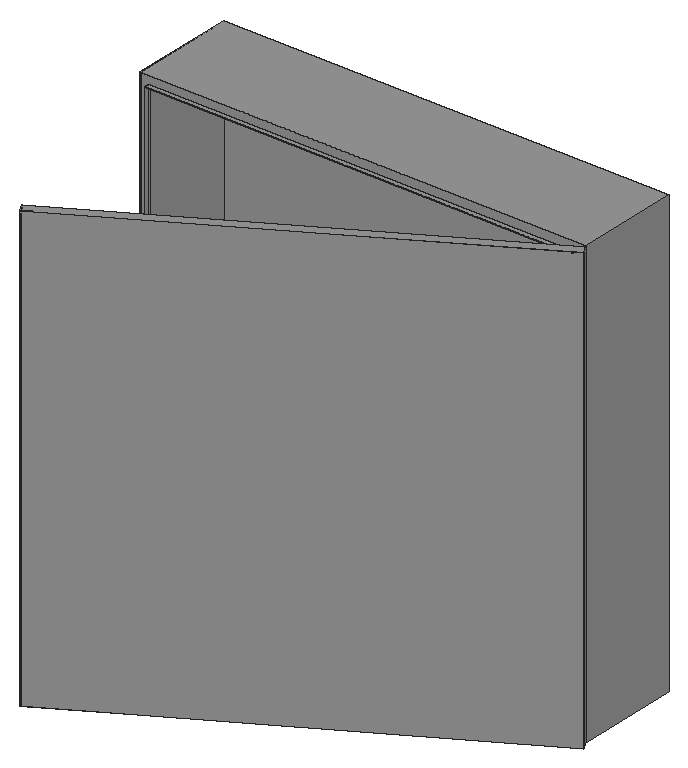
Revit family "Hager-Univers-IP54-D205-H800-Cl.II-Encl-NoHosted-CH-it", category Electrical Equipment, Revit 2020
Family settings
  Panel Configuration = Two Columns, Circuits Across
  Round Connector Dimension = Use Diameter
  Part Type = Panelboard
  Work Plane-Based = Yes
  Always vertical = Yes
  Cut with Voids When Loaded = No
  Shared = No
  Room Calculation Point = No
Parameters (values of type "A parete IP54 L800 A800 P205  - FP53QSW")
  Width Control [instance] = if([EF000008 - Larghezza] > Min Width, [EF000008 - Larghezza], Min Width)  # 800 mm
  Type Comments = [HG000003 - Gamma]  # "Univers"
  Thickness Door [instance] = if([EF009171 - spessore materiale porta/coperchio] > 3 mm, 3 mm, [EF009171 - spessore materiale porta/coperchio])  # 1 mm
  Seal Frame Offset [instance] = 17 mm  # constant formula
  Plinth Visibility [instance] = [HG000027 - Altezza dello zoccolo] > 0 mm  # no
  Min Width [instance] = 100 mm  # constant formula
  Min Depth [instance] = (2 * [EF009170 - spessore materiale scatola]) + 1 mm  # 3 mm
  Min Height [instance] = 100 mm  # constant formula
  Internal Frame Depth [instance] = (Door System Depth * 0.5)  # 9 mm
  Panel Name [instance] = ""  # (empty or 0)
  Model = ""
  HG000027 - Altezza dello zoccolo = 0 mm
  HG000026 - A pavimento = no
  HG000024 - Altezza della sezione inferiore = 600 mm
  HG000023 - Custodia a doppia sezione = no
  HG000016 - Visibilità delle porte nella vista 3D [instance] = yes
  HG000015 - Visibilità attraverso la porta [instance] = no
  HG000014 - Porta destra [instance] = yes
  HG000013 - Porta sinistra [instance] = not([HG000014 - Porta destra])  # no
  HG000012 - Angolo di apertura della porta [instance] = 30.00°
  HG000010 - Porte asimmetriche = no
  HG000009 - Porta doppia a battente = no
  HG000006 - Ad incasso = no
  HG000004 - Codice produttore = "FP53QSW"
  HG000003 - Gamma = "Univers"
  HG000002 - Con porta = yes
  Frame Offset Bottom [instance] = 10 mm  # constant formula
  Frame Offset [instance] = 15 mm  # constant formula
  EF015940 - Coprire con rilascio di sovrapressione = no
  EF011959 - tipo di protezione (NEMA) = ""
  EF009554 - numero delle aperture per la piastra della flangia = 6
  EF009212 - esecuzione coperchio = "EV000116 - chiuso"
  EF009171 - spessore materiale porta/coperchio = 1 mm
  EF009170 - spessore materiale scatola = 1 mm
  EF008873 - corrente nominale (In) = 250 A
  EF007800 - adatto per parafulmine = no
  EF006306 - con serratura = no
  EF006244 - coperchio/porta trasparente = no
  EF005474 - grado di protezione (IP) = "EV006419 - IP54"
  EF004464 - tipo di porta = "EV002646 - singolo"
  EF004427 - numero di moduli = 180
  EF004293 - resistenza agli urti = "EV006815 - IK09"
  EF003532 - adatto per uso esterno = no
  EF002950 - Numero moduli DIN = 36
  EF001613 - Integrità del circuito = "EV000494 - senza"
  EF001596 - Attacco Lampada = "EV000179 - acciaio"
  EF001131 - profondità interna = 143 mm
  EF001088 - possibilità di applicazione = yes
  EF000437 - numero di ingressi per conduttori = 6
  EF000339 - tipo di copertura = "EV001012 - coperchio"
  EF000266 - numero di file = 5
  EF000218 - profondità di incasso = 0 mm
  EF000118 - con piastra di montaggio = no
  EF000116 - numero RAL = "9010"
  EF000049 - profondità = 205 mm
  EF000040 - Altezza = 800 mm
  EF000008 - Larghezza = 800 mm
  EF000007 - colore = "EV000202 - bianco"
  EF000003 - Tipo di montaggio = "EV000384 - A parete"
  Door System Leaf Tolerance [instance] = 1.5 mm  # constant formula
  Door System Depth [instance] = 18 mm  # constant formula
  Door Height [instance] = Height Control - [HG000027 - Altezza dello zoccolo]  # 800 mm
  Description = ""
  Default Elevation = 1219.2 mm
  Connector Offset [instance] = Height Control / 2  # 400 mm
  Manufacturer = "Hager"  # constant formula
  Height Control [instance] = if([EF000040 - Altezza] > Min Height, [EF000040 - Altezza], Min Height)  # 800 mm
  Depth Control [instance] = if([EF000049 - profondità] > Min Depth, [EF000049 - profondità], Min Depth)  # 205 mm
  Bottom Top Plate Trim [instance] = 1.5 mm  # constant formula
  Plinth height Ctrl [instance] = if([HG000027 - Altezza dello zoccolo] > 0 mm, [HG000027 - Altezza dello zoccolo], 12 mm)  # 12 mm
Types (4, lengths in mm): name | Width Control | HG000004 - Codice produttore | EF009554 - numero delle aperture per la piastra della flangia | EF004464 - tipo di porta | EF004427 - numero di moduli | EF002950 - Numero moduli DIN | EF001131 - profondità interna | EF000437 - numero di ingressi per conduttori | EF000339 - tipo di copertura | EF000008 - Larghezza
  A parete IP54 L1050 A800 P205  - FP54QSW | 1050 | "FP54QSW" | 8 | "EV003602 - doppio" | 240 | 48 | 130 | 8 | "EV004216 - porta" | 1050
  A parete IP54 L300 A800 P205  - FP51QSW | 300 | "FP51QSW" | 2 | "EV002646 - singolo" | 60 | 12 | 130 | 2 | "EV001012 - coperchio" | 300
  A parete IP54 L550 A800 P205  - FP52QSW | 550 | "FP52QSW" | 4 | "EV002646 - singolo" | 120 | 24 | 143 | 4 | "EV001012 - coperchio" | 550
  A parete IP54 L800 A800 P205  - FP53QSW | 800 | "FP53QSW" | 6 | "EV002646 - singolo" | 180 | 36 | 143 | 6 | "EV001012 - coperchio" | 800
Reference planes
  plane 1 "Center (Front/Back)": y = 0
  plane 2: z = 0
  plane 3 "Center (Left/Right)": x = 0
  plane 4: y = 0
  plane 5: y = 0
  plane 6: z = 0
  plane 7: x = -400
  plane 8: x = 400
  plane 9: x = 399
  plane 10: x = -399
  plane 11: z = 0
  plane 12: z = 1
  plane 13: y = -205
  plane 14: y = -1
  plane 15: x = 0
  plane 16: y = -187
  plane 17: y = -204
  plane 18: y = -186
  plane 19: x = -384
  plane 20: x = 384
  plane 21: z = 11
  plane 22: x = -383
  plane 23: x = 383
  plane 24: z = 0
  plane 25: z = 800
  plane 26: z = 800
  plane 27: z = 784
  plane 28: z = 799
Forms (mm)
  Extrusion 1, solid, material "Hager_Steel_RAL7035_Light_Grey", detail levels medium+fine
    sketch origin (-208.679, -4572, 0) x (-1, 0, 0) y (0, -1, 0)
      loop
        line (191.321, -4385) -> (-608.679, -4385) -> (-608.679, -4572) -> (191.321, -4572) -> (191.321, -4385)
    from 0 to 800
  Extrusion 2, void
    sketch origin (-350.771, -205, 1219.2) x (1, 0, 0) y (0, 0, 1)
      loop
        line (-48.229, -420.2) -> (-48.229, -1218.2) -> (749.771, -1218.2) -> (749.771, -420.2) -> (-48.229, -420.2)
    from -19 to -204
  Extrusion 3, void
    sketch origin (-290.084, -187, 1219.2) x (1, 0, 0) y (0, 0, 1)
      loop
        line (-93.916, -1208.2) -> (674.084, -1208.2) -> (674.084, -435.2) -> (-93.916, -435.2) -> (-93.916, -1208.2)
    from 0 to -1
  Extrusion 4, solid, material "Hager_Steel_RAL7035_Light_Grey", visible <- "Plinth Visibility", detail levels medium+fine
    sketch origin (0, 0, 0) x (1, 0, 0) y (0, 1, 0)
      loop
        line (-400, 0) -> (-400, -187) -> (400, -187) -> (400, 0) -> (-400, 0)
    from 0 to 12 <- "Plinth height Ctrl"
  Extrusion 5, solid, material "Hager_Steel_RAL7035_Light_Grey", detail levels coarse
    sketch origin (0, 0, 0) x (1, 0, 0) y (0, 1, 0)
      loop
        line (-400, 0) -> (-400, -205) -> (400, -205) -> (400, 0) -> (-400, 0)
    from 0 to 800 <- "Height Control"
  Sweep 6, void
    path in 3D
      loop
        line (-400, -187, 12) -> (400, -187, 12) -> (400, 0, 12) -> (-400, 0, 12) -> (-400, -187, 12)
    profile origin (-400, -93.5, 12) x (1, 0, 0) y (0, 0, 1)
      loop
        line (0, 0) -> (0, -1.5) -> (1.5, -1.5)
        arc (1.5, -1.5) -> (1.061, -0.439) -> (0, 0) r 1.5
  Extrusion 7, solid, material "Hager_Steel_RAL7035_Light_Grey", detail levels fine
    sketch origin (-400, -187, 0) x (1, 0, 0) y (0, 0, 1)
      loop
        line (16, 11) -> (784, 11) -> (784, 784) -> (16, 784) -> (16, 11)
      loop
        line (15, 10) -> (785, 10) -> (785, 785) -> (15, 785) -> (15, 10)
    from 0 to 9 <- "Internal Frame Depth"
Cuts and joins
  Extrusion 2, Extrusion 3 cuts Extrusion 1
  Sweep 6 cuts Extrusion 4
Lines and regions (mm)
  Masking region 1
    outline origin (0, 0, 0) x (1, 0, 0) y (0, 1, 0)
      loop
        line (-400, 0) -> (-400, -205) -> (400, -205) -> (400, 0) -> (-400, 0)
  Masking region 2, detail levels coarse
    outline origin (-290.084, -187, 1219.2) x (-1, 0, 0) y (0, 0, 1)
      loop
        line (-690.084, -1219.2) -> (109.916, -1219.2) -> (109.916, -419.2) -> (-690.084, -419.2) -> (-690.084, -1219.2)
  Masking region 3, detail levels coarse
    outline origin (0, 0, 0) x (0, 1, 0) y (0, 0, 1)
      loop
        line (0, 0) -> (0, 800) -> (-205, 800) -> (-205, 0) -> (0, 0)
  Masking region 4, visible <- "Plinth Visibility", detail levels medium+fine
    outline origin (0, 0, 0) x (0, 1, 0) y (0, 0, 1)
      loop
        line (-1.5, 12) -> (-185.5, 12)
        arc (-185.5, 12) -> (-185.939, 10.939) -> (-187, 10.5) r 1.5
        line (-187, 10.5) -> (-187, 0) -> (0, 0) -> (0, 10.5)
        arc (0, 10.5) -> (-1.061, 10.939) -> (-1.5, 12) r 1.5
  Masking region 5, detail levels medium+fine
    outline origin (0, 0, 594.038) x (0, 1, 0) y (0, 0, 1)
      loop
        line (0, -594.038) -> (0, 205.962) -> (-187, 205.962) -> (-187, -594.038) -> (0, -594.038)
  Masking region 6, detail levels medium+fine
    outline origin (-359.7, -187, 1211.883) x (-1, 0, 0) y (0, 0, 1)
      loop
        line (-759.7, -1211.883) -> (40.3, -1211.883) -> (40.3, -411.883) -> (-759.7, -411.883) -> (-759.7, -1211.883)
  Masking region 7, visible <- "Plinth Visibility", detail levels medium+fine
    outline origin (-320.334, -187, 1041.368) x (-1, 0, 0) y (0, 0, 1)
      loop
        line (-720.334, -1041.368) -> (79.666, -1041.368) -> (79.666, -1030.868)
        arc (79.666, -1030.868) -> (78.606, -1030.429) -> (78.166, -1029.368) r 1.5
        line (78.166, -1029.368) -> (-718.834, -1029.368)
        arc (-718.834, -1029.368) -> (-719.273, -1030.429) -> (-720.334, -1030.868) r 1.5
        line (-720.334, -1030.868) -> (-720.334, -1041.368)
  sketch lines
    curve 1: line (-400, 0, 12) -> (-400, -187, 12)
    curve 2: line (-400, -187, 12) -> (400, -187, 12)
    curve 3: line (400, 0, 12) -> (-400, 0, 12)
    curve 4: line (400, -187, 12) -> (400, 0, 12)
Dimensions and locks
  locked: plane 1 "Center (Front/Back)" to plane 5
  "EF009170 - spessore materiale scatola": plane 7 to plane 10
  "EF009170 - spessore materiale scatola": plane 8 to plane 9
  equal spacing: plane 7, plane 3 "Center (Left/Right)", plane 8
  "Width Control": plane 7 to plane 8
  "Depth Control": plane 4 to plane 13
  "EF009170 - spessore materiale scatola": plane 4 to plane 14
  "Height Control": plane 25 to level
  "HG000027 - Altezza dello zoccolo": plane 11 to level
  "EF009170 - spessore materiale scatola": plane 12 to plane 11
  "EF009170 - spessore materiale scatola": plane 17 to plane 13
  "EF009170 - spessore materiale scatola": plane 18 to plane 16
  "Frame Offset Bottom": plane 21 to plane 12
  "Frame Offset": plane 10 to plane 19
  "Frame Offset": plane 9 to plane 20
  "Door System Depth": plane 16 to plane 13
  "Seal Frame Offset": plane 7 to plane 22
  "Seal Frame Offset": plane 8 to plane 23
  "EF009170 - spessore materiale scatola": plane 26 to plane 28
  "Frame Offset": plane 28 to plane 27
  "Connector Offset": plane 2 to connector elem
  "Bottom Top Plate Trim": profile plane to Sweep 6 sketch curve
  "Bottom Top Plate Trim": Sweep 6 sketch curve to Sweep 6 sketch curve
  "Plinth height Ctrl": Masking region 4 sketch curve to level
  "Plinth height Ctrl": Masking region 7 sketch curve to level
  "Thickness Door": Extrusion 7 sketch curve to Extrusion 7 sketch curve  (x4)
  "Bottom Top Plate Trim": radius of Sweep 6 sketch curve
  "Bottom Top Plate Trim": radius of Masking region 4 sketch curve  (x2)
  "Bottom Top Plate Trim": radius of Masking region 7 sketch curve  (x2)
  aligned and locked: Extrusion 2 sketch curve to plane 12
  aligned and locked: Extrusion 2 sketch curve to plane 9
  aligned and locked: Extrusion 2 sketch curve to plane 10
  aligned and locked: Extrusion 2 to plane 14
  aligned and locked: Extrusion 1 sketch curve to plane 4
  aligned and locked: plane 8 to Extrusion 1 sketch curve
  aligned and locked: plane 7 to Extrusion 1 sketch curve
  aligned and locked: Extrusion 2 to plane 18
  aligned and locked: Extrusion 3 sketch curve to plane 19
  aligned and locked: plane 20 to Extrusion 3 sketch curve
  aligned and locked: Extrusion 3 to Extrusion 2
  aligned and locked: Extrusion 3 sketch curve to plane 21
  aligned and locked: plane 3 "Center (Left/Right)" to nested 1
  aligned and locked: Extrusion 1 sketch curve to plane 16
  aligned and locked: Extrusion 4 sketch curve to cut or joined group of Extrusion 1, Extrusion 2, Extrusion 3
  aligned and locked: Masking region 1 sketch curve to plane 7
  aligned and locked: Masking region 1 sketch curve to plane 5
  aligned and locked: Masking region 1 sketch curve to plane 8
  aligned and locked: Masking region 2 sketch curve to level
  aligned and locked: level to Masking region 3 sketch curve
  aligned and locked: plane 1 "Center (Front/Back)" to Masking region 3 sketch curve
  aligned and locked: plane 13 to Masking region 3 sketch curve
  aligned and locked: plane 5 to Masking region 4 sketch curve
  aligned and locked: Masking region 2 sketch curve to plane 8
  aligned and locked: Masking region 2 sketch curve to plane 7
  aligned and locked: plane 7 to nested 2
  aligned and locked: nested 2 to plane 5
  aligned and locked: plane 5 to Masking region 5 sketch curve
  aligned and locked: plane 26 to Masking region 5 sketch curve
  aligned and locked: Extrusion 5 sketch curve to plane 8
  aligned and locked: Extrusion 5 sketch curve to plane 7
  aligned and locked: Extrusion 5 sketch curve to plane 5
  aligned and locked: Extrusion 3 sketch curve to plane 27
  aligned and locked: Extrusion 2 sketch curve to plane 28
  aligned and locked: Masking region 2 to plane 25
  aligned and locked: Extrusion 4 to plane 16
  aligned and locked: profile plane to Sweep 6 sketch curve
  aligned and locked: Masking region 5 sketch curve to plane 24
  aligned and locked: level to Masking region 4 sketch curve
  aligned and locked: Masking region 1 to plane 13
  aligned and locked: nested 1 to plane 16
  aligned and locked: Masking region 3 to plane 25
  aligned and locked: plane 16 to Masking region 4 sketch curve
  aligned and locked: Masking region 5 sketch curve to plane 16
  aligned and locked: plane 24 to plane 11
  aligned and locked: plane 26 to plane 25
  aligned and locked: plane 26 to cut or joined group of Extrusion 1, Extrusion 2, Extrusion 3
  aligned and locked: nested 1 to plane 24
  aligned and locked: Extrusion 1 to Extrusion 3
  aligned and locked: Masking region 6 sketch curve to plane 8
  aligned and locked: Masking region 6 sketch curve to plane 24
  aligned and locked: Masking region 6 sketch curve to plane 7
  aligned and locked: Masking region 6 sketch curve to plane 26
  aligned and locked: Masking region 7 sketch curve to plane 7
  aligned and locked: level to Masking region 7 sketch curve
  aligned and locked: Masking region 7 sketch curve to plane 8
  aligned and locked: Extrusion 7 sketch curve to cut or joined group of Extrusion 1, Extrusion 2, Extrusion 3  (x4)
Automatic sketch dimensions
  plane 19 to Extrusion 3 sketch curve = 0 mm
  Extrusion 3 sketch curve to plane 20 = 0 mm
  Extrusion 3 sketch curve to plane 21 = 0 mm
  Extrusion 4 sketch curve to plane 7 = 0 mm
  Extrusion 4 sketch curve to plane 8 = 0 mm
  Extrusion 4 sketch curve to plane 16 = 0 mm
  Masking region 1 sketch curve to plane 13 = 0 mm
  Masking region 2 sketch curve to plane 25 = 0 mm
  Masking region 3 sketch curve to plane 25 = 0 mm
  Extrusion 5 sketch curve to plane 13 = 0 mm
  profile plane to Sweep 6 sketch curve = 0 mm
Nested families
  nested 1: "EC000058_Univers_Door" at (0, -187, 0), Double <- "HG000009 - Porta doppia a battente", Transparent <- "EF006244 - coperchio/porta trasparente", Angle <- "HG000012 - Angolo di apertura della porta", Door_Right <- "HG000014 - Porta destra", Assymetrical <- "HG000010 - Porte asimmetriche", Door <- "HG000002 - Con porta", Width_Ctrl <- "Width Control", 3d_Door <- "HG000016 - Visibilità delle porte nella vista 3D", Clearance <- "HG000015 - Visibilità attraverso la porta", Door_Left <- "HG000013 - Porta sinistra", Width <- "Width Control", Door_Depth <- "Door System Depth", Leaf_Tolerance <- "Door System Leaf Tolerance", Height <- "Door Height", Lock_Visibility <- "EF006306 - con serratura", Thickness <- "Thickness Door", type "EC000058_Univers_Door", detail levels medium+fine
    with min_wh 3 mm, Width_Ctrl 800 mm, Width 800 mm, Transparent no, Thickness 1 mm, Seal_Material Hager_Rubber, Lock_Visibility no, Lock_Material Hager_Plastic_RAL9005_Jet_Black, Leaf_Width 800 mm, Leaf_Tolerance_External_Sides 0 mm, Leaf_Tolerance 1.5 mm, Leaf_Offset 0 mm, Leaf_Height 797 mm, Leaf_2_Width 800 mm, Leaf_2_Offset 400 mm, Leaf_1_Width 800 mm, Leaf_1_Offset 400 mm, Height_Ctrl 800 mm, Height 800 mm, Glass_Material Hager_Glass, Double_Clearance_Ctrl no, Double no, Door_Right_Ctrl yes, Door_Right yes, Door_Material Hager_Steel_RAL7035_Light_Grey, Door_Left_Ctrl no, Door_Left no, Door_Depth 18 mm, Door yes, Clearance_Material Hager_Clearance, Clearance_Depth 800 mm, Clearance_Ctrl no, Clearance no, Assymetrical no, Angle 30.00°, 3d_Door yes
  nested 2: "Hager_Enclosure_Symbol" at (-400, 0, 0), Height <- "Depth Control", Width <- "Width Control", type "Hager_Enclosure_Symbol"
    with Width_Ctrl 800 mm, Width 800 mm, Height_Ctrl 205 mm, Height 205 mm, A_Width_Int 13.453 mm, A_Width 161.438 mm, A_Height_Ctrl 179.375 mm, A_Height 179.375 mm
Connectors
  electrical at (0, 0, 400)
    settings: on plane 1 "Center (Front/Back)", index 1, voltage 0 V, apparent load 0 VA, apparent load phase1 0 VA, apparent load phase2 0 VA, apparent load phase3 0 VA, power factor 1, load classification "Other", number of poles 1, system type 30, power factor state 1, is connector primary yes, connector utility no, sub classification motor no, connector description ""
Definition of nested family "EC000058_Univers_Door"
  Parameters (values of type "EC000058_Univers_Door")
    min_wh [instance] = (2 * Thickness) + 1 mm  # 11 mm
    Width_Ctrl [instance] = 400 mm
    Width [instance] = 500 mm
    Transparent [instance] = yes
    Thickness [instance] = 5 mm
    Seal_Material [instance] = none
    Lock_Visibility [instance] = yes
    Lock_Material [instance] = none
    Leaf_Width [instance] = if((Width_Ctrl - 2 * Leaf_Tolerance_External_Sides) > 0 mm, (Width_Ctrl - 2 * Leaf_Tolerance_External_Sides), min_wh)  # 400 mm
    Leaf_Tolerance_External_Sides [instance] = 0 mm  # constant formula
    Leaf_Tolerance [instance] = 1.5 mm
    Leaf_Offset [instance] = 0 mm  # constant formula
    Leaf_Height [instance] = if((Height_Ctrl - 2 * Leaf_Tolerance) > 0 mm, (Height_Ctrl - 2 * Leaf_Tolerance), min_wh)  # 497 mm
    Leaf_2_Width [instance] = if(and(and(Double, Assymetrical), Door_Left), (Leaf_Width / 3) - (Leaf_Tolerance / 2), if(and(and(Double, Assymetrical), Door_Right), (Leaf_Width / 3) * 2 - (Leaf_Tolerance / 2), if(and(Double, not(Assymetrical)), (Leaf_Width / 2) - Leaf_Tolerance, Leaf_Width)))  # 400 mm
    Leaf_2_Offset [instance] = if(and(Double, Assymetrical), Leaf_2_Width / 2, if(and(Double, not(Assymetrical)), Leaf_Width / 4, Leaf_Width / 2))  # 200 mm
    Leaf_1_Width [instance] = if(and(and(Double, Assymetrical), Door_Right), (Leaf_Width / 3) - (Leaf_Tolerance / 2), if(and(and(Double, Assymetrical), Door_Left), (Width / 3) * 2 - (Leaf_Tolerance / 2), if(and(Double, not(Assymetrical)), (Leaf_Width / 2) - Leaf_Tolerance, Leaf_Width)))  # 400 mm
    Leaf_1_Offset [instance] = if(and(Double, Assymetrical), Leaf_1_Width / 2, if(and(Double, not(Assymetrical)), Leaf_Width / 4, Leaf_Width / 2))  # 200 mm
    Height_Ctrl [instance] = if(Height > min_wh, Height, min_wh)  # 500 mm
    Height [instance] = 500 mm
    Glass_Material [instance] = none
    Double_Clearance_Ctrl [instance] = and(Double, Clearance)  # no
    Double [instance] = no
    Door_Right_Ctrl [instance] = and(or(Door_Right, Double), Door)  # yes
    Door_Right [instance] = yes
    Door_Material [instance] = none
    Door_Left_Ctrl [instance] = and(or(Door_Left, Double), Door)  # no
    Door_Left [instance] = no
    Door_Depth [instance] = 30 mm
    Door [instance] = yes
    Default Elevation = 1219.2 mm
    Clearance_Material [instance] = none
    Clearance_Depth [instance] = if(Leaf_1_Width > Leaf_2_Width, Leaf_1_Width, Leaf_2_Width)  # 400 mm
    Clearance_Ctrl [instance] = and(not(Double), Clearance)  # yes
    Clearance [instance] = yes
    Assymetrical [instance] = yes
    Angle [instance] = 30.00°
    3d_Door [instance] = yes
  Reference planes
    plane 1 "Center (Front/Back)": y = 0
    plane 2 "Bottom": z = 0
    plane 3 "Center (Left/Right)": x = 0
    plane 4: z = 500
    plane 5: x = -200
    plane 6: x = 200
    plane 7: z = 500
    plane 8: x = -200
    plane 9: z = 0
    plane 10: x = 200
    plane 11: y = 0
    plane 12: z = 1.5
    plane 13: x = -600
    plane 14: y = -400
    plane 15: x = 600
    plane 16: x = 0
    plane 17: x = 0
    plane 18: x = -200
    plane 19: x = 200
    plane 20: z = 498.5
  Forms (mm)
    Extrusion 1, solid, material <- "Clearance_Material", visible <- "Double_Clearance_Ctrl"
      sketch origin (1200, 0, 0) x (1, 0, 0) y (0, 0, -1)
        loop
          line (-1800, -498.5) -> (-600, -498.5) -> (-600, 0) -> (-1800, 0) -> (-1800, -498.5)
      from 0 to -400
  Dimensions and locks
    equal spacing: plane 5, plane 3 "Center (Left/Right)", plane 6
    "Width_Ctrl": plane 5 to plane 6
    "Leaf_Offset": plane 5 to plane 8
    "Leaf_Offset": plane 6 to plane 10
    "Leaf_Offset": plane 9 to level
    "Leaf_Offset": plane 4 to plane 7
    "Height_Ctrl": plane 4 to level
    "Leaf_Tolerance": plane 12 to plane 9
    locked: plane 11 to plane 1 "Center (Front/Back)"
    "Leaf_1_Offset": plane 18 to plane 16
    "Leaf_2_Offset": plane 17 to plane 19
    "Leaf_1_Width": plane 13 to plane 8
    "Leaf_2_Width": plane 10 to plane 15
    "Clearance_Depth": plane 14 to plane 1 "Center (Front/Back)"
    "Leaf_Tolerance_External_Sides": plane 8 to plane 18
    "Leaf_Tolerance_External_Sides": plane 19 to plane 10
    "Leaf_Tolerance": plane 7 to plane 20
    aligned and locked: level to plane 2 "Bottom"
    aligned and locked: nested 1 to plane 16
    aligned and locked: nested 2 to plane 17
    aligned and locked: Extrusion 1 to plane 13
    aligned and locked: plane 15 to Extrusion 1
    aligned and locked: Extrusion 1 to plane 14
    aligned and locked: plane 12 to nested 1
    aligned and locked: nested 2 to plane 12
    aligned and locked: Extrusion 1 to plane 11
    aligned and locked: plane 20 to Extrusion 1
    aligned and locked: nested 2 to plane 11
    aligned and locked: nested 1 to plane 11
  Automatic sketch dimensions
    Extrusion 1 sketch curve to level = 0 mm
    plane 5 to Extrusion 1 sketch curve = 400 mm
    plane 6 to Extrusion 1 sketch curve = 400 mm
    Extrusion 1 sketch curve to plane 4 = 1.5 mm
  Nested families
    nested 1: "EC000058_Univers_Door_Leaf" at (0, 0, 1.5), Width <- "Leaf_1_Width", visible <- "Door_Left_Ctrl", Leaf_Height <- "Leaf_Height", Angle <- "Angle", 3d_Door <- "3d_Door", Transparent <- "Transparent", Clearance Material <- "Clearance_Material", Clearance <- "Clearance_Ctrl", Door_Material <- "Door_Material", Glass_Material <- "Glass_Material", Door_Depth <- "Door_Depth", Lock_Material <- "Lock_Material", Seal_Material <- "Seal_Material", Lock_Visibility <- "Lock_Visibility", Thickness <- "Thickness", type "EC000058_Univers_Door_Leaf"
      with Width 400 mm, Transparent_Glass_Offset 30 mm, Transparent_Ctrl yes, Transparent yes, Thickness 5 mm, Standard no, Seal_Material none, Seal_D2 8 mm, Seal_D1 1 mm, Offset_Internal_Frame 10 mm, Lock_Width 20 mm, Lock_Visibility_3d yes, Lock_Visibility yes, Lock_Thickness_3 3 mm, Lock_Thickness_2 1 mm, Lock_Thickness_1 3 mm, Lock_Radius_Offset_2 16 mm, Lock_Radius_Offset_1 15 mm, Lock_Radius_2 5 mm, Lock_Radius 6 mm, Lock_Offset 5 mm, Lock_Material none, Lock_Height 80 mm, Lock_Cover_Top_Offset_2d 17 mm, Lock_Cover_Height -65 mm, Leaf_Height 497 mm, Internal_Seal_Thickness 8 mm, Internal_Seal_Depth_2 4.5 mm, Internal_Frame_Depth 25 mm, Glass_Thickness -1 mm, Glass_Offset -2 mm, Glass_Material none, Door_Material none, Door_Depth 30 mm, Clearance Material none, Clearance yes, Angle_Ctrl 30.00°, Angle 30.00°, 3d_Door yes
    nested 2: "EC000058_Univers_Door_Leaf" at (0, 0, 1.5) x (-1, 0, 0) z (0, 0, 1), Width <- "Leaf_2_Width", visible <- "Door_Right_Ctrl", Leaf_Height <- "Leaf_Height", Angle <- "Angle", 3d_Door <- "3d_Door", Transparent <- "Transparent", Clearance Material <- "Clearance_Material", Clearance <- "Clearance_Ctrl", Door_Material <- "Door_Material", Glass_Material <- "Glass_Material", Door_Depth <- "Door_Depth", Lock_Material <- "Lock_Material", Seal_Material <- "Seal_Material", Lock_Visibility <- "Lock_Visibility", Thickness <- "Thickness", type "EC000058_Univers_Door_Leaf"
      with Width 400 mm, Transparent_Glass_Offset 30 mm, Transparent_Ctrl yes, Transparent yes, Thickness 5 mm, Standard no, Seal_Material none, Seal_D2 8 mm, Seal_D1 1 mm, Offset_Internal_Frame 10 mm, Lock_Width 20 mm, Lock_Visibility_3d yes, Lock_Visibility yes, Lock_Thickness_3 3 mm, Lock_Thickness_2 1 mm, Lock_Thickness_1 3 mm, Lock_Radius_Offset_2 16 mm, Lock_Radius_Offset_1 15 mm, Lock_Radius_2 5 mm, Lock_Radius 6 mm, Lock_Offset 5 mm, Lock_Material none, Lock_Height 80 mm, Lock_Cover_Top_Offset_2d 17 mm, Lock_Cover_Height -65 mm, Leaf_Height 497 mm, Internal_Seal_Thickness 8 mm, Internal_Seal_Depth_2 4.5 mm, Internal_Frame_Depth 25 mm, Glass_Thickness -1 mm, Glass_Offset -2 mm, Glass_Material none, Door_Material none, Door_Depth 30 mm, Clearance Material none, Clearance yes, Angle_Ctrl 30.00°, Angle 30.00°, 3d_Door yes
  Definition of nested family "EC000058_Univers_Door_Leaf"
    Parameters (values of type "EC000058_Univers_Door_Leaf")
      Width [instance] = 2000 mm
      Transparent_Glass_Offset [instance] = 30 mm
      Transparent_Ctrl [instance] = and(Transparent, [3d_Door])  # yes
      Transparent [instance] = yes
      Thickness [instance] = 5 mm
      Standard [instance] = and(not(Transparent), [3d_Door])  # no
      Seal_Material [instance] = none
      Seal_D2 [instance] = 8 mm  # constant formula
      Seal_D1 [instance] = 1 mm  # constant formula
      Offset_Internal_Frame [instance] = 10 mm  # constant formula
      Lock_Width [instance] = 20 mm  # constant formula
      Lock_Visibility_3d [instance] = and(Lock_Visibility, [3d_Door])  # yes
      Lock_Visibility [instance] = yes
      Lock_Thickness_3 [instance] = 3 mm  # constant formula
      Lock_Thickness_2 [instance] = 1 mm  # constant formula
      Lock_Thickness_1 [instance] = 3 mm  # constant formula
      Lock_Radius_Offset_2 [instance] = Lock_Radius_Offset_1 + 1 mm  # 16 mm
      Lock_Radius_Offset_1 [instance] = 15 mm  # constant formula
      Lock_Radius_2 [instance] = Lock_Radius - 1 mm  # 5 mm
      Lock_Radius [instance] = 6 mm  # constant formula
      Lock_Offset [instance] = 5 mm  # constant formula
      Lock_Material [instance] = none
      Lock_Height [instance] = 80 mm  # constant formula
      Lock_Cover_Top_Offset_2d [instance] = Lock_Radius_Offset_2 + 1 mm  # 17 mm
      Lock_Cover_Height [instance] = -(Lock_Height - Lock_Radius_Offset_1)  # -65 mm
      Leaf_Height [instance] = 2720.336 mm
      Internal_Seal_Thickness [instance] = 8 mm  # constant formula
      Internal_Seal_Depth_2 [instance] = 4.5 mm  # constant formula
      Internal_Frame_Depth [instance] = if(Door_Depth - Thickness > 5 mm, Door_Depth - Thickness, 5 mm)  # 25 mm
      Glass_Thickness [instance] = if(Thickness > 15 mm, Glass_Offset + 10 mm, -1 mm)  # -1 mm
      Glass_Offset [instance] = if(Thickness > 15 mm, -(Thickness + 10 mm) / 2, -2 mm)  # -2 mm
      Glass_Material [instance] = none
      Door_Material [instance] = none
      Door_Depth [instance] = 30 mm
      Default Elevation = 0 mm
      Clearance Material [instance] = none
      Clearance [instance] = yes
      Angle_Ctrl [instance] = if(Angle > 180.00°, 180.00°, Angle)  # 90.00°
      Angle [instance] = 90.00°
      3d_Door [instance] = yes
    Reference planes
      plane 1 "Center (Front/Back)": y = 0
      plane 2: z = 0
      plane 3 "Center (Left/Right)": x = 0
      plane 4: y = 2000
      plane 5: x = -1000
      plane 6: x = 1000
      plane 7: x = -3000
      plane 8: z = 2720.336
      plane 9: z = 30
      plane 10: z = 2690.336
      plane 11: x = 970
      plane 12: x = -970
      plane 13: y = -3
      plane 14: z = 107.833
      plane 15: y = -5
      plane 16: y = -223.314
      plane 17: x = -1000
      plane 18: z = 1360.168
      plane 19: y = 30
    Forms (mm)
      Extrusion 1, solid, material <- "Clearance Material", visible <- "Clearance"
        sketch origin (0, 0, 0) x (1, 0, 0) y (0, 0, 1)
          loop
            line (-3000, 2720.336) -> (-3000, 0) -> (1000, 0) -> (1000, 2720.336) -> (-3000, 2720.336)
        from 0 to -2000
      Extrusion 2, solid, material <- "Door_Material", visible <- "Standard", detail levels medium+fine
        sketch origin (-1000, 0, 0) x (0, 1, 0) y (-1, 0, 0)
          loop
            line (0, 30) -> (0, 25) -> (2000, 25) -> (2000, 30) -> (0, 30)
        from 0 to 2720.336 <- "Leaf_Height"
      Extrusion 3, solid, material <- "Door_Material", visible <- "Transparent_Ctrl", detail levels medium+fine
        sketch origin (-1000, 0, 0) x (0, 1, 0) y (-1, 0, 0)
          loop
            line (0, 25) -> (2000, 25) -> (2000, 30) -> (0, 30) -> (0, 25)
        from 0 to 2720.336 <- "Leaf_Height"
      Extrusion 4, void
        sketch origin (-1025, 2000, 0) x (0, 1, 0) y (0, 0, -1)
          loop
            line (-30, -2690.336) -> (-30, -30) -> (-1970, -30) -> (-1970, -2690.336) -> (-30, -2690.336)
        from 0 to 5 <- "Thickness"
      Sweep 5, solid, material <- "Seal_Material", visible <- "Transparent_Ctrl", detail levels fine
        path in 3D
          loop
            line (-1025, 30, 30) -> (-1025, 30, 2690.336) -> (-1025, 1970, 2690.336) -> (-1025, 1970, 30) -> (-1025, 30, 30)
        profile origin (-1025, 1000, 30) x (1, 0, 0) y (0, 0, 1)
          loop
            line (0, 0) -> (0, -8) -> (1, -8) -> (1, 0) -> (0, 0)
      Extrusion 6, solid, material <- "Glass_Material", visible <- "Transparent_Ctrl", detail levels medium+fine
        sketch origin (-1030, 0, 0) x (0, 1, 0) y (0, 0, -1)
          loop
            line (1970, -2690.336) -> (1970, -30) -> (30, -30) -> (30, -2690.336) -> (1970, -2690.336)
        from -2 <- "Glass_Offset" to -1 <- "Glass_Thickness"
      Extrusion 7, solid, material <- "Door_Material", visible <- "3d_Door", detail levels medium+fine
        sketch origin (-1025, 2000, 0) x (0, -1, 0) y (0, 0, -1)
          loop
            line (0, -2720.336) -> (2000, -2720.336) -> (2000, 0) -> (0, 0) -> (0, -2720.336)
          loop
            line (1995, -5) -> (5, -5) -> (5, -2715.336) -> (1995, -2715.336) -> (1995, -5)
        from 0 to 25 <- "Internal_Frame_Depth"
      Sweep 8, solid, material <- "Seal_Material", visible <- "Transparent_Ctrl", detail levels fine
        path in 3D
          loop
            line (-1025, 0, 0) -> (-1025, 2000, 0) -> (-1025, 2000, 2720.336) -> (-1025, 0, 2720.336) -> (-1025, 0, 0)
        profile origin (-1025, 0, 1360.168) x (1, 0, 0) y (0, 1, 0)
          loop
            line (0, 10) -> (2.975, 10)
            arc (2.975, 10) -> (4.053, 10.447) -> (4.5, 11.525) r 1.525
            line (4.5, 11.525) -> (4.5, 16.527)
            arc (4.5, 16.527) -> (4.069, 17.569) -> (3.027, 18) r 1.473
            line (3.027, 18) -> (0, 18) -> (0, 10)
      Extrusion 9, solid, material <- "Lock_Material", visible <- "Lock_Visibility_3d", detail levels fine
        sketch origin (-1030, 0, 0) x (0, 1, 0) y (0, 0, -1)
          loop
            arc (1993.5, -1400.168) -> (1994.561, -1399.729) -> (1995, -1398.668) r 1.5
            line (1995, -1398.668) -> (1995, -1320.168) -> (1975, -1320.168) -> (1975, -1398.668)
            arc (1975, -1398.668) -> (1975.439, -1399.729) -> (1976.5, -1400.168) r 1.5
            line (1976.5, -1400.168) -> (1993.5, -1400.168)
        from 3 <- "Lock_Thickness_1" to 0
      Blend 10, solid, material <- "Lock_Material", visible <- "Lock_Visibility_3d", detail levels fine
        base sketch origin (-1033, 0, 0) x (0, 1, 0) y (0, 0, -1)
          loop
            line (1975, -1320.168) -> (1975, -1398.668)
            arc (1975, -1398.668) -> (1975.439, -1399.729) -> (1976.5, -1400.168) r 1.5
            line (1976.5, -1400.168) -> (1993.5, -1400.168)
            arc (1993.5, -1400.168) -> (1994.561, -1399.729) -> (1995, -1398.668) r 1.5
            line (1995, -1398.668) -> (1995, -1320.168) -> (1975, -1320.168)
        top sketch origin (-1033, 0, 0) x (0, 1, 0) y (0, 0, -1)
          loop
            line (1976, -1320.168) -> (1976, -1398.668)
            arc (1976, -1398.668) -> (1976.146, -1399.022) -> (1976.5, -1399.168) r 0.5
            line (1976.5, -1399.168) -> (1993.5, -1399.168)
            arc (1993.5, -1399.168) -> (1993.854, -1399.022) -> (1994, -1398.668) r 0.5
            line (1994, -1398.668) -> (1994, -1320.168) -> (1976, -1320.168)
        from 0 to 1 <- "Lock_Thickness_2"
      Blend 11, solid, material <- "Lock_Material", visible <- "Lock_Visibility_3d", detail levels fine
        base sketch origin (-1034, 0, 0) x (0, 1, 0) y (0, 0, -1)
          loop
            line (1978, -1320.168) -> (1978, -1384.168)
            arc (1978, -1384.168) -> (1985, -1391.168) -> (1992, -1384.168) r 7
            line (1992, -1384.168) -> (1992, -1320.168) -> (1978, -1320.168)
        top sketch origin (-1034, 0, 0) x (0, 1, 0) y (0, 0, -1)
          loop
            line (1991, -1320.168) -> (1979, -1320.168) -> (1979, -1383.168)
            arc (1979, -1383.168) -> (1985, -1389.168) -> (1991, -1383.168) r 6
            line (1991, -1383.168) -> (1991, -1320.168)
        from 0 to 3 <- "Lock_Thickness_3"
      Extrusion 12, solid, material <- "Lock_Material", visible <- "Lock_Visibility_3d", detail levels fine
        sketch origin (-1030, 1975, 1320.168) x (1, 0, 0) y (0, -1, 0)
          loop
            line (-7, -19) -> (-7, -1) -> (0, -1) -> (0, 0) -> (-8, 0) -> (-8, -20) -> (0, -20) -> (0, -19) -> (-7, -19)
        from 0 to -65 <- "Lock_Cover_Height"
      Extrusion 13, void
        sketch origin (-1038, 1995, 1320.168) x (-1, 0, 0) y (0, 0, -1)
          loop
            line (-5, -65) -> (0, -65) -> (-5, -60) -> (-5, -65)
        from 0 to 20 <- "Lock_Width"
      Extrusion 14, void
        sketch origin (-1038, 1975, 1320.168) x (0, -1, 0) y (0, 0, -1)
          loop
            circle (-10, -15.995) r 6
          loop
            circle (-10, -15.995) r 5
        from 0 to 2
      Extrusion 15, solid, material <- "Lock_Material", visible <- "Lock_Visibility_3d", detail levels medium
        sketch origin (-1030, 0, 0) x (0, 1, 0) y (0, 0, -1)
          loop
            arc (1993.5, -1400.168) -> (1994.561, -1399.729) -> (1995, -1398.668) r 1.5
            line (1995, -1398.668) -> (1995, -1320.168) -> (1975, -1320.168) -> (1975, -1398.668)
            arc (1975, -1398.668) -> (1975.439, -1399.729) -> (1976.5, -1400.168) r 1.5
            line (1976.5, -1400.168) -> (1993.5, -1400.168)
        from 8 to 0
    Cuts and joins
      Extrusion 4 cuts Extrusion 3
      Extrusion 13, Extrusion 14 cuts Extrusion 9
      Extrusion 14 cuts Blend 11
      Extrusion 13, Extrusion 14 cuts Extrusion 12
      joined: Extrusion 9, Blend 10, Blend 11, Extrusion 12
      Extrusion 14 cuts Extrusion 15
    Lines and regions (mm)
      Masking region 1, visible <- "Lock_Visibility", detail levels fine
        outline origin (0, 0, 0) x (0, 1, 0) y (0, 0, 1)
          loop
            line (30, 1320.168) -> (33, 1320.168) -> (33, 1400.168) -> (30, 1400.168) -> (30, 1320.168)
      Masking region 2, visible <- "Lock_Visibility", detail levels fine
        outline origin (0, 3.143, 0) x (0, 1, 0) y (0, 0, 1)
          loop
            line (29.857, 1354.168) -> (30.857, 1354.168) -> (30.857, 1366.168) -> (29.857, 1366.168) -> (29.857, 1354.168)
      Masking region 3, detail levels medium+fine
        outline origin (0, 0, 0) x (0, 1, 0) y (0, 0, 1)
          loop
            line (0, 0) -> (30, 0) -> (30, 2720.336) -> (0, 2720.336) -> (0, 0)
      Masking region 4, detail levels medium+fine
        outline origin (0, 0, 0) x (1, 0, 0) y (0, 0, 1)
          loop
            line (-1000, 2720.336) -> (-1000, 0) -> (1000, 0) -> (1000, 2720.336) -> (-1000, 2720.336)
      Masking region 5, visible <- "Lock_Visibility", detail levels fine
        outline origin (-47.116, 0, 0) x (1, 0, 0) y (0, 0, 1)
          loop
            arc (1024.616, 1399.168) -> (1023.556, 1398.729) -> (1023.116, 1397.668) r 1.5
            line (1023.116, 1397.668) -> (1023.116, 1320.168) -> (1041.116, 1320.168) -> (1041.116, 1397.668)
            arc (1041.116, 1397.668) -> (1040.677, 1398.729) -> (1039.616, 1399.168) r 1.5
            line (1039.616, 1399.168) -> (1024.616, 1399.168)
      Masking region 6, visible <- "Lock_Visibility", detail levels medium+fine
        outline origin (-25, 0, 0) x (1, 0, 0) y (0, 0, 1)
          loop
            arc (1001.5, 1400.168) -> (1000.439, 1399.729) -> (1000, 1398.668) r 1.5
            line (1000, 1398.668) -> (1000, 1320.168) -> (1020, 1320.168) -> (1020, 1398.668)
            arc (1020, 1398.668) -> (1019.561, 1399.729) -> (1018.5, 1400.168) r 1.5
            line (1018.5, 1400.168) -> (1001.5, 1400.168)
      Masking region 7, visible <- "Lock_Visibility", detail levels fine
        outline origin (-73.735, 0, 0) x (1, 0, 0) y (0, 0, 1)
          loop
            line (1051.735, 1382.168) -> (1065.735, 1382.168) -> (1065.735, 1384.168)
            arc (1065.735, 1384.168) -> (1058.735, 1391.168) -> (1051.735, 1384.168) r 7
            line (1051.735, 1384.168) -> (1051.735, 1382.168)
      Masking region 8, visible <- "Lock_Visibility", detail levels fine
        outline origin (-73.735, 0, 0) x (1, 0, 0) y (0, 0, 1)
          loop
            line (1052.735, 1382.168) -> (1064.735, 1382.168) -> (1064.735, 1383.168)
            arc (1064.735, 1383.168) -> (1058.735, 1389.168) -> (1052.735, 1383.168) r 6
            line (1052.735, 1383.168) -> (1052.735, 1382.168)
      Masking region 9, visible <- "Lock_Visibility", detail levels fine
        outline origin (-25, 0, 0) x (1, 0, 0) y (0, 0, 1)
          loop
            line (1020, 1320.168) -> (1020, 1382.168) -> (1000, 1382.168) -> (1000, 1320.168) -> (1020, 1320.168)
      Masking region 10, detail levels medium+fine
        outline origin (0, 0, 0) x (1, 0, 0) y (0, 0, 1)
          loop
            circle (985, 1335.144) r 6
      Masking region 11, detail levels fine
        outline origin (0, 0, 0) x (1, 0, 0) y (0, 0, 1)
          loop
            circle (985, 1335.144) r 5
      Masking region 12, visible <- "Lock_Visibility", detail levels fine
        outline origin (0, 12.767, 0) x (0, 1, 0) y (0, 0, 1)
          loop
            line (20.233, 1320.168) -> (21.233, 1320.168) -> (21.233, 1399.168) -> (20.233, 1400.168) -> (20.233, 1320.168)
      Masking region 13, visible <- "Lock_Visibility", detail levels fine
        outline origin (0, 13.767, -10) x (0, 1, 0) y (0, 0, 1)
          loop
            line (20.233, 1330.168) -> (23.233, 1330.168) -> (23.233, 1399.168) -> (20.233, 1402.168) -> (20.233, 1330.168)
      Masking region 14, visible <- "Lock_Visibility", detail levels fine
        outline origin (0, 12.767, -10) x (0, 1, 0) y (0, 0, 1)
          loop
            line (20.233, 1330.168) -> (25.233, 1330.168) -> (25.233, 1399.305) -> (20.233, 1394.305) -> (20.233, 1330.168)
      Masking region 15, visible <- "Lock_Visibility", detail levels medium
        outline origin (0, 0, 0) x (0, 1, 0) y (0, 0, 1)
          loop
            line (30, 1320.168) -> (38, 1320.168) -> (38, 1400.168) -> (30, 1400.168) -> (30, 1320.168)
      Masking region 16, visible <- "Lock_Visibility", detail levels fine
        outline origin (-1000, 0, 0) x (0, 1, 0) y (-1, 0, 0)
          loop
            line (1975, 30) -> (1995, 30) -> (1995, 38) -> (1975, 38) -> (1975, 30)
          loop
            line (1979, 37) -> (1976, 37) -> (1976, 34) -> (1978, 34) -> (1979, 37)
          loop
            line (1994, 37) -> (1991, 37) -> (1992, 34) -> (1994, 34) -> (1994, 37)
      Masking region 17, visible <- "Lock_Visibility", detail levels medium
        outline origin (-1000, 0, 0) x (0, 1, 0) y (-1, 0, 0)
          loop
            line (1975, 30) -> (1995, 30) -> (1995, 38) -> (1975, 38) -> (1975, 30)
      symbolic lines
        curve 1: line (1000, 0, 0) -> (-3000, 0, 0)
        curve 2: arc (1000, 0, 0) -> (-1000, 2000, 0) -> (-3000, 0, 0) r 2000
        curve 4: line (-1030, 0, 0) -> (-1030, 2000, 0)
      reference lines
        curve 3: line (-1000, 0, 0) -> (-1000, 2000, 0)
      symbolic lines, detail levels medium+fine
        curve 5: line (-1030, 2000, 0) -> (-1025, 2000, 0)
        curve 7: line (-1025, 0, 0) -> (-1030, 0, 0)
        curve 8: line (-1025, 0, 0) -> (-1000, 0, 0)
        curve 9: line (-1000, 0, 0) -> (-1000, 2000, 0)
        curve 10: line (-1000, 2000, 0) -> (-1025, 2000, 0)
      symbolic lines, detail levels fine
        curve 6: line (-1025, 2000, 0) -> (-1025, 0, 0)
      sketch lines
        curve 11: line (-1025, 0, 2720.336) -> (-1025, 0, 0)
        curve 12: line (-1025, 2000, 0) -> (-1025, 0, 0)
        curve 13: line (-1025, 2000, 2720.336) -> (-1025, 2000, 0)
        curve 14: line (-1025, 0, 2720.336) -> (-1025, 2000, 2720.336)
        curve 15: line (-1025, 1970, 30) -> (-1025, 30, 30)
        curve 16: line (-1025, 30, 30) -> (-1025, 30, 2690.336)
        curve 17: line (-1025, 1970, 2690.336) -> (-1025, 1970, 30)
        curve 18: line (-1025, 30, 2690.336) -> (-1025, 1970, 2690.336)
      symbolic lines, visible <- "Transparent", detail levels medium+fine
        curve 19: line (-970, 0, 2690.336) -> (970, 0, 2690.336)
        curve 20: line (-970, 0, 30) -> (-970, 0, 2690.336)
        curve 21: line (970, 0, 30) -> (-970, 0, 30)
        curve 22: line (970, 0, 2690.336) -> (970, 0, 30)
    Dimensions and locks
      "Width": plane 1 "Center (Front/Back)" to plane 4
      equal spacing: plane 5, plane 3 "Center (Left/Right)", plane 6
      "Width": plane 5 to plane 6
      "Width": plane 7 to plane 5
      "Leaf_Height": plane 8 to level
      "Width": curve 5 to curve 3
      "Width": curve 3 to curve 3
      plane 8 to plane 10 = 30 mm
      plane 9 to level = 30 mm
      plane 12 to plane 5 = 30 mm
      plane 6 to plane 11 = 30 mm
      Extrusion 1 to Extrusion 4 sketch curve = 30 mm
      "Transparent_Glass_Offset": curve 3 to Extrusion 4 sketch curve
      "Transparent_Glass_Offset": Extrusion 4 sketch curve to cut or joined group of Extrusion 3, Extrusion 4  (x2)
      cut or joined group of Extrusion 3, Extrusion 4 to Extrusion 6 sketch curve = 30 mm
      "Transparent_Glass_Offset": cut or joined group of Extrusion 3, Extrusion 4 to Extrusion 4 sketch curve
      "Thickness": curve 6 to curve 4
      "Thickness": Extrusion 7 sketch curve to Extrusion 7 sketch curve  (x4)
      "Door_Depth": curve 4 to curve 3
      "Offset_Internal_Frame": profile plane to Sweep 8 sketch curve
      "Internal_Seal_Thickness": Sweep 8 sketch curve to Sweep 8 sketch curve
      "Internal_Seal_Depth_2": profile plane to Sweep 8 sketch curve
      "Seal_D1": profile plane to Sweep 5 sketch curve
      "Seal_D2": profile plane to Sweep 5 sketch curve
      "Thickness": Extrusion 2 sketch curve to Extrusion 2 sketch curve
      equal spacing: Extrusion 9 sketch curve, plane 18, Extrusion 9 sketch curve  (x2)
      equal spacing: Masking region 1 sketch curve, plane 18, Masking region 1 sketch curve
      "Lock_Height": Masking region 1 sketch curve to Masking region 1 sketch curve
      "Lock_Radius": Masking region 2 sketch curve to plane 18 to Masking region 2 sketch curve
      Masking region 2 sketch curve to Masking region 1 = 1 mm
      "Door_Depth": plane 19 to plane 1 "Center (Front/Back)"
      "Lock_Thickness_1": Masking region 1 sketch curve to plane 19
      "Lock_Width": Extrusion 9 sketch curve to Extrusion 9 sketch curve
      "Lock_Height": Extrusion 9 sketch curve to Extrusion 9 sketch curve
      "Lock_Offset": cut or joined group of Extrusion 3, Extrusion 4 to Extrusion 9 sketch curve
      equal spacing: plane 8, plane 18, level
      "Lock_Radius_Offset_1": Blend 11 sketch curve to Blend 10
      locked: Blend 10 to Blend 11 sketch curve at 2  (x2)
      locked: var sketch to Blend 11 sketch curve at 1  (x2)
      "Lock_Radius_Offset_2": Blend 11 sketch curve to Blend 10
      locked: Extrusion 12 sketch curve to Extrusion 12 sketch curve at 1  (x3)
      Masking region 6 sketch curve to Masking region 6 sketch curve = 80 mm
      "Lock_Height": Masking region 6 sketch curve to Masking region 6 sketch curve
      "Lock_Width": Masking region 6 sketch curve to Masking region 6 sketch curve
      locked: Masking region 6 to Masking region 5 sketch curve at 1  (x3)
      locked: Masking region 5 to Masking region 7 sketch curve at 2  (x2)
      "Lock_Radius_Offset_1": Masking region 5 to Masking region 7 sketch curve
      "Lock_Radius_Offset_2": Masking region 5 to Masking region 8 sketch curve
      locked: Masking region 7 to Masking region 8 sketch curve at 1  (x2)
      "Lock_Cover_Top_Offset_2d": Masking region 5 to Masking region 9 sketch curve
      equal spacing: Masking region 9, Masking region 10 sketch curve, Masking region 9
      equal spacing: Masking region 9, Masking region 11 sketch curve, Masking region 9
      Extrusion 15 sketch curve to Extrusion 15 sketch curve = 80 mm
      "Lock_Width": Extrusion 15 sketch curve to Extrusion 15 sketch curve
      "Lock_Height": Extrusion 15 sketch curve to Extrusion 15 sketch curve
      equal spacing: Extrusion 15 sketch curve, plane 18, Extrusion 15 sketch curve
      "Lock_Thickness_3": Masking region 13 sketch curve to Masking region 13 sketch curve
      "Lock_Height": Masking region 12 sketch curve to Masking region 12 sketch curve
      locked: Masking region 13 sketch curve to Masking region 1 at 8
      locked: Masking region 14 sketch curve to Masking region 13 at 1
      locked: Masking region 14 sketch curve to Masking region 1 at 10.863
      "Lock_Height": Masking region 15 sketch curve to Masking region 15 sketch curve
      "Lock_Offset": Extrusion 15 sketch curve to cut or joined group of Extrusion 3, Extrusion 4
      "Lock_Offset": plane 6 to Masking region 6 sketch curve
      radius of Sweep 8 sketch curve = 1.525 mm
      radius of Sweep 8 sketch curve = 1.473 mm
      radius of Extrusion 9 sketch curve = 1.5 mm  (x2)
      "Lock_Radius": radius of Extrusion 14 sketch curve
      "Lock_Radius_2": radius of Extrusion 14 sketch curve
      "Lock_Radius": radius of Masking region 10 sketch curve
      "Lock_Radius_2": radius of Masking region 11 sketch curve
      radius of Extrusion 15 sketch curve = 1.5 mm  (x2)
      "Angle_Ctrl": angle plane 1 "Center (Front/Back)" to curve 3
      locked: Masking region 12 sketch curve to Masking region 12 sketch curve (angle 45.00°)
      locked: Masking region 13 sketch curve to Masking region 13 sketch curve (angle 45.00°)
      locked: Masking region 14 sketch curve to Masking region 14 sketch curve (angle 45.00°)
      aligned and locked: level to plane 2
      aligned and locked: Extrusion 1 to curve 1
      aligned and locked: plane 6 to Extrusion 1
      aligned and locked: Extrusion 1 to plane 1 "Center (Front/Back)"
      aligned and locked: plane 4 to Extrusion 1
      aligned and locked: plane 8 to Extrusion 1
      aligned and locked: curve 7 to Extrusion 2 sketch curve
      aligned and locked: curve 5 to Extrusion 2 sketch curve
      aligned and locked: curve 7 to Extrusion 3 sketch curve
      aligned and locked: Extrusion 3 sketch curve to curve 4
      aligned and locked: Extrusion 3 sketch curve to curve 6
      aligned and locked: Extrusion 3 sketch curve to curve 5
      aligned and locked: curve 9 to curve 3
      aligned and locked: Extrusion 7 sketch curve to cut or joined group of Extrusion 3, Extrusion 4  (x4)
      aligned and locked: plane 17 to curve 3
      aligned and locked: plane 1 "Center (Front/Back)" to curve 3
      aligned and locked: plane 17 to plane 5
      aligned and locked: Sweep 8 sketch curve to profile plane
      aligned and locked: Sweep 5 sketch curve to profile plane  (x2)
      aligned and locked: Masking region 1 to Masking region 2 sketch curve
      aligned and locked: plane 19 to Masking region 1 sketch curve
      aligned and locked: plane 1 "Center (Front/Back)" to Masking region 3 sketch curve
      aligned and locked: plane 19 to Masking region 3 sketch curve
      aligned and locked: level to Masking region 3 sketch curve
      aligned and locked: Masking region 3 sketch curve to plane 8
      aligned and locked: plane 17 to Masking region 4 sketch curve
      aligned and locked: level to Masking region 4 sketch curve
      aligned and locked: Masking region 4 sketch curve to plane 8
      aligned and locked: plane 12 to curve 20
      aligned and locked: plane 10 to curve 19
      aligned and locked: plane 11 to curve 22
      aligned and locked: curve 21 to plane 9
      aligned and locked: Extrusion 2 sketch curve to cut or joined group of Extrusion 3, Extrusion 4
      aligned and locked: Blend 10 sketch curve to Extrusion 9  (x4)
      aligned and locked: Extrusion 9 to Blend 10 sketch curve
      aligned and locked: Blend 10 to Blend 11 sketch curve
      aligned and locked: Extrusion 12 sketch curve to Blend 11
      aligned and locked: Extrusion 12 sketch curve to Extrusion 9  (x4)
      aligned and locked: Masking region 5 sketch curve to Masking region 6
      aligned and locked: Masking region 9 sketch curve to Masking region 6  (x3)
      aligned and locked: Masking region 12 sketch curve to Masking region 1
      aligned and locked: Masking region 13 sketch curve to Masking region 1
      aligned and locked: Masking region 12 to Masking region 14
      aligned and locked: Masking region 14 sketch curve to Masking region 1
      aligned and locked: Masking region 15 sketch curve to Masking region 14
      aligned and locked: Masking region 13 sketch curve to Masking region 12
      aligned and locked: Masking region 16 sketch curve to cut or joined group of Extrusion 14, Extrusion 15  (x4)
      aligned and locked: Masking region 16 sketch curve to cut or joined group of Extrusion 9, Blend 10, Blend 11, Extrusion 12, Extrusion 13, Extrusion 14  (x6)
      aligned and locked: cut or joined group of Extrusion 9, Blend 10, Blend 11, Extrusion 12, Extrusion 13, Extrusion 14 to Masking region 16 sketch curve
      aligned and locked: Masking region 17 sketch curve to cut or joined group of Extrusion 14, Extrusion 15  (x3)
      aligned and locked: Masking region 17 sketch curve to cut or joined group of Extrusion 9, Blend 10, Blend 11, Extrusion 12, Extrusion 13, Extrusion 14
      aligned and locked: Masking region 9 to Masking region 8 sketch curve
      aligned and locked: Masking region 9 to Masking region 7 sketch curve
    Automatic sketch dimensions
      plane 1 "Center (Front/Back)" to curve 2 = 0 mm
      curve 2 to plane 5 = 0 mm
      Extrusion 1 sketch curve to level = 0 mm
      Extrusion 1 sketch curve to plane 7 = 0 mm
      Extrusion 1 sketch curve to plane 6 = 0 mm
      Extrusion 1 sketch curve to plane 8 = 0 mm
      Extrusion 3 to Extrusion 6 sketch curve = 30 mm  (x4)
      Masking region 4 sketch curve to plane 6 = 0 mm
      Blend 10 sketch curve to Extrusion 9 = 1.5 mm
      Blend 10 sketch curve to Extrusion 9 = 1 mm
      Extrusion 13 sketch curve to Extrusion 12 = 0 mm  (x2)
      Extrusion 12 to Extrusion 13 sketch curve = 3 mm
      Extrusion 13 sketch curve to Extrusion 12 = 5 mm
      Extrusion 14 sketch curve to Extrusion 14 sketch curve = 0 mm  (x2)
      Extrusion 14 sketch curve to Extrusion 12 = 10 mm
      Extrusion 14 sketch curve to Extrusion 12 = 15.995 mm
      Masking region 5 sketch curve to Masking region 5 sketch curve = 1.5 mm  (x2)
      Masking region 10 sketch curve to plane 18 = 25.024 mm
      Masking region 11 sketch curve to plane 18 = 25.024 mm
      plane 19 to Masking region 14 sketch curve = 3 mm
      Masking region 16 sketch curve to Masking region 16 sketch curve = 3 mm
      curve 4 to curve 3 = 0 mm
      Blend 10 to Blend 11 sketch curve = 0 mm
      Masking region 6 sketch curve to Masking region 6 sketch curve = 1.5 mm  (x2)
      Masking region 6 sketch curve to plane 18 = 40 mm
      plane 19 to Masking region 12 sketch curve = 3 mm
      Masking region 12 sketch curve to Masking region 12 sketch curve = 1 mm
      Masking region 15 sketch curve to plane 19 = 0 mm
      Masking region 15 sketch curve to plane 18 = 40 mm
      radius of Blend 10 sketch curve to Extrusion 9 = 1 mm
Definition of nested family "Hager_Enclosure_Symbol"
  Parameters (values of type "Hager_Enclosure_Symbol")
    Width_Ctrl [instance] = if(Width > 1 mm, Width, 1 mm)  # 102.27 mm
    Width [instance] = 102.27 mm
    Height_Ctrl [instance] = if(Height > 1 mm, Height, 1 mm)  # 66.5 mm
    A_Width_Int [instance] = if(A_Width / 12 > 2 mm, A_Width / 12, 2 mm)  # 4.364 mm
    A_Width [instance] = if(A_Height_Ctrl * 0.9 > 2 mm, A_Height_Ctrl * 0.9, 2 mm)  # 52.369 mm
    A_Height_Ctrl [instance] = if(A_Height > 2 mm, A_Height, 2 mm)  # 58.188 mm
    Height [instance] = 66.5 mm
    A_Height [instance] = Height - (Height / 8)  # 58.188 mm
  Reference planes
    plane 1 "Centre (avant/arrière)": y = 0
    plane 2: z = 0
    plane 3 "Centre (gauche/droite)": x = 0
    plane 4: x = 52.369
    plane 5: y = 33.042
    plane 6: y = 41.77
    plane 7: y = 66.5
    plane 8: x = 26.184
    plane 9: y = 37.406
    plane 10: x = 102.27
    plane 11: y = 66.5
    plane 12: y = 8.313
  Lines and regions (mm)
    Filled region 1, type "Solid_Black", in view "Niveau de réf."
      outline origin (0, 0, 0) x (1, 0, 0) y (0, 1, 0)
        loop
          line (52.369, 66.5) -> (33.188, 54.536) -> (45.365, 45.006) -> (52.369, 66.5)
    Filled region 2, type "Solid_Black", in view "Niveau de réf."
      outline origin (0, 0, 0) x (1, 0, 0) y (0, 1, 0)
        loop
          line (0, 0) -> (102.27, 0) -> (102.27, 66.5) -> (0, 0)
    detail lines, in view "Niveau de réf."
      curve 1: line (0, 8.313, 0) -> (26.184, 41.77, 0)
      curve 2: line (26.184, 41.77, 0) -> (26.184, 33.042, 0)
      curve 3: line (26.184, 33.042, 0) -> (52.369, 66.5, 0)
  Dimensions and locks
    "A_Width": plane 3 "Centre (gauche/droite)" to plane 4
    equal spacing: plane 3 "Centre (gauche/droite)", plane 8, plane 4
    equal spacing: plane 6, plane 9, plane 5
    equal spacing: curve 3, Filled region 1 sketch curve, Filled region 1 sketch curve
    "Height_Ctrl": plane 1 "Centre (avant/arrière)" to plane 11
    "A_Height_Ctrl": plane 11 to plane 12
    equal spacing: plane 11, plane 9, plane 12
    "A_Width_Int": plane 6 to plane 9
    "Width_Ctrl": plane 3 "Centre (gauche/droite)" to plane 10
    angle Filled region 1 sketch curve to curve 3 = 20.00°
    angle curve 3 to Filled region 1 sketch curve = 20.00°
    locked: curve 3 to Filled region 1 sketch curve (angle 90.00°)
    aligned and locked: plane 10 to Filled region 2
    aligned and locked: plane 11 to Filled region 2 sketch curve
    aligned and locked: plane 10 to Filled region 2 sketch curve
    aligned and locked: plane 3 "Centre (gauche/droite)" to curve 1
    aligned and locked: plane 12 to curve 1
    aligned and locked: plane 7 to plane 11
  Automatic sketch dimensions
    Filled region 1 sketch curve to plane 4 = 0 mm
    Filled region 1 sketch curve to plane 7 = 0 mm
    plane 1 "Centre (avant/arrière)" to Filled region 2 sketch curve = 0 mm
    Filled region 2 sketch curve to plane 3 "Centre (gauche/droite)" = 0 mm
    curve 2 to plane 6 = 0 mm
    curve 2 to plane 8 = 0 mm
    curve 3 to plane 4 = 0 mm
    curve 2 to plane 5 = 0 mm
    curve 3 to plane 7 = 0 mm
